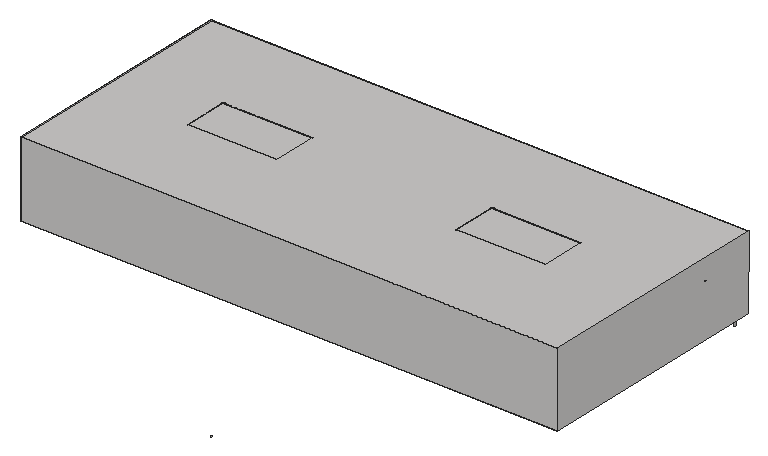
Revit family "QF_ELECTROLUXPROFESSIONAL_640284_VAP1636", category Specialty Equipment, Revit 2014
Reference planes
  plane 1: z = 0
  plane 2 "Center (Left/Right)": x = 150
  plane 3 "LEFT": x = -1650
  plane 4 "RIGHT": x = 1950
  plane 5 "BACK": y = 550
  plane 6 "TOP": z = 2500
  plane 7 "Base": z = 2000
  plane 8: z = 1970
  plane 9 "DrainY": y = 450
  plane 10: x = -1647
  plane 11 "DrainX": x = 1937
  plane 12 "AOLeft2": x = -450
  plane 13 "AORight1": x = 750
  plane 14: x = 1947
  plane 15: x = -1450
  plane 16: x = 1750
  plane 17: x = 50
  plane 18: x = 250
  plane 19 "Center (Front/Back)": y = -250
  plane 20 "Front": y = -1050
  plane 21 "AOLeft1": x = -1050
  plane 22 "AORight2": x = 1350
  plane 23: through (0, 550, 2133.855) normal (0, 0.5299, 0.848)
  plane 24: through (0, -1050, 2133.855) normal (0, 0.5299, -0.848)
  plane 25: y = -100
  plane 26: y = -400
Forms (mm)
  Extrusion 1, solid, material "QF_Finishes_Stainless Steel"
    sketch origin (-1650, 0, 360) x (0, 1, 0) y (0, 0, 1)
      loop
        line (550, 1640) -> (550, 2140) -> (-1050, 2140) -> (-1050, 1640) -> (550, 1640)
    from 0 to 3
  Extrusion 2, solid, material "QF_Finishes_Stainless Steel"
    sketch origin (1950, 0, 360) x (0, 1, 0) y (0, 0, 1)
      loop
        line (550, 1640) -> (550, 2140) -> (-1050, 2140) -> (-1050, 1640) -> (550, 1640)
    from 0 to -3
  Extrusion 3, solid, material "QF_Finishes_Stainless Steel"
    sketch origin (150, 0, 360) x (0, 1, 0) y (0, 0, 1)
      loop
        line (-1050, 2140) -> (-1050, 1640) -> (-1040, 1640) -> (-1040, 1640.8) -> (-1049.2, 1640.8) -> (-1049.2, 2139.19) -> (549.2, 2139.19) -> (549.2, 1640.8) -> (540, 1640.8) -> (540, 1640) -> (550, 1640) -> (550, 2140) -> (-1050, 2140)
    from -1800 to 1800
  Extrusion 4, solid, material "QF_Finishes_Stainless Steel"
    sketch origin (0, 0, 2000) x (0, 1, 0) y (-1, 0, 0)
      loop
        circle (450, -1937) r 4.763
    from -30 to 0
  Extrusion 5, void
    sketch origin (0, 400, 2500) x (0, 1, 0) y (-1, 0, 0)
      loop
        line (-500, 450) -> (-500, 1050) -> (-800, 1050) -> (-800, 450) -> (-500, 450)
    from 0 to -10
  Extrusion 6, solid, material "QF_Finishes_Stainless Steel"
    sketch origin (0, 0, 0) x (1, 0, 0) y (0, 1, 0)
      loop
        line (-1650, 550) -> (-1650, 549) -> (-1649, 549) -> (-1649, 550) -> (-1650, 550)
    from 0 to 1
  Extrusion 7, solid, material "QF_Finishes_Stainless Steel"
    sketch origin (150, 0, 360) x (0, 1, 0) y (0, 0, 1)
      loop
        line (503.5, 1837.574) -> (207.375, 2022.621) -> (192.198, 1998.364) -> (488.366, 1813.348) -> (503.5, 1837.574)
      loop
        line (-1003.5, 1837.574) -> (-988.366, 1813.348) -> (-692.198, 1998.364) -> (-707.375, 2022.621) -> (-1003.5, 1837.574)
    from -1600 to -1797
  Extrusion 8, solid, material "QF_Finishes_Stainless Steel"
    sketch origin (150, 0, 360) x (0, 1, 0) y (0, 0, 1)
      loop
        line (549.2, 1775.312) -> (472.742, 1823.075) -> (472.313, 1822.387) -> (549.2, 1774.355) -> (549.2, 1775.312)
      loop
        line (202.48, 1991.938) -> (126.212, 2039.602) -> (-626.212, 2039.602) -> (-702.48, 1991.938) -> (-702.062, 1991.27) -> (-626, 2038.801) -> (126, 2038.801) -> (202.063, 1991.27) -> (202.48, 1991.938)
      loop
        line (-1049.2, 1775.312) -> (-1049.2, 1774.355) -> (-972.312, 1822.387) -> (-972.742, 1823.075) -> (-1049.2, 1775.312)
    from -1797 to 1797
  Extrusion 9, solid, material "QF_Finishes_Stainless Steel"
    sketch origin (150, 0, 360) x (0, 1, 0) y (0, 0, 1)
      loop
        line (-707.375, 2022.621) -> (-1003.5, 1837.574) -> (-988.366, 1813.348) -> (-692.198, 1998.364) -> (-707.375, 2022.621)
      loop
        line (503.5, 1837.574) -> (207.375, 2022.621) -> (192.198, 1998.364) -> (488.366, 1813.348) -> (503.5, 1837.574)
    from 1797 to 1600
  Extrusion 10, solid, material "QF_Finishes_Stainless Steel"
    sketch origin (150, 0, 360) x (0, 1, 0) y (0, 0, 1)
      loop
        line (-707.375, 2022.621) -> (-1003.5, 1837.574) -> (-988.366, 1813.348) -> (-692.198, 1998.364) -> (-707.375, 2022.621)
      loop
        line (503.5, 1837.574) -> (207.375, 2022.621) -> (192.198, 1998.364) -> (488.366, 1813.348) -> (503.5, 1837.574)
    from -100 to 100
  Extrusion 11, solid, material "QF_Finished_Chrome"
    sketch origin (150, 0, 360) x (0, 1, 0) y (0, 0, 1)
      loop
        line (503.5, 1837.574) -> (207.375, 2022.621) -> (192.198, 1998.364) -> (488.366, 1813.348) -> (503.5, 1837.574)
      loop
        line (-707.375, 2022.621) -> (-1003.5, 1837.574) -> (-988.366, 1813.348) -> (-692.198, 1998.364) -> (-707.375, 2022.621)
    from -1600 to -100
  Extrusion 12, solid, material "QF_Finished_Chrome"
    sketch origin (150, 0, 360) x (0, 1, 0) y (0, 0, 1)
      loop
        line (-707.375, 2022.621) -> (-1003.5, 1837.574) -> (-988.366, 1813.348) -> (-692.198, 1998.364) -> (-707.375, 2022.621)
      loop
        line (503.5, 1837.574) -> (207.375, 2022.621) -> (192.198, 1998.364) -> (488.366, 1813.348) -> (503.5, 1837.574)
    from 100 to 1600
  Sweep 13, solid, material "QF_Finishes_Stainless Steel"
    path origin (0, 0, 0) x (1, 0, 0) y (0, 1, 0)
      loop
        line (1950, 550) -> (-1650, 550) -> (-1650, -1050) -> (1950, -1050) -> (1950, 550)
    profile origin (1950, -250, 0) x (1, 0, 0) y (0, 0, 1)
      loop
        line (-3, 2000) -> (-3, 2000.8) -> (-19, 2000.8) -> (-19, 2010) -> (-20, 2010) -> (-20, 2000) -> (-3, 2000)
  Extrusion 14, void
    sketch origin (0, 400, 2500) x (0, 1, 0) y (-1, 0, 0)
      loop
        line (-500, -1350) -> (-500, -750) -> (-800, -750) -> (-800, -1350) -> (-500, -1350)
    from 0 to -10
Cuts and joins
  Extrusion 5, Extrusion 14 cuts Extrusion 3
  joined: Extrusion 2, Extrusion 3, Sweep 13
Lines and regions (mm)
  symbolic lines, style "SpecialityEquipment", detail levels coarse
    curve 1: line (1950, 550, 2500) -> (-1650, 550, 2500)
    curve 2: line (-1650, 550, 2500) -> (-1650, -1050.8, 2500)
    curve 3: line (1950, -1050.8, 2500) -> (1950, 550, 2500)
    curve 4: line (-1650, 550, 0) -> (1950, -1050, 0)
    curve 5: line (1950, 550, 0) -> (-1650, -1050, 0)
  symbolic lines, detail levels coarse
    curve 6: line (-1650, -1050, 0) -> (1950, -1050, 0)
    curve 7: line (-450, -100, 0) -> (-1050, -100, 0)
    curve 8: line (-450, -400, 0) -> (-450, -100, 0)
    curve 9: line (-1050, -400, 0) -> (-450, -400, 0)
    curve 10: line (-1050, -100, 0) -> (-1050, -400, 0)
    curve 11: line (1350, -100, 0) -> (750, -100, 0)
    curve 12: line (1350, -400, 0) -> (1350, -100, 0)
    curve 13: line (750, -400, 0) -> (1350, -400, 0)
    curve 14: line (750, -100, 0) -> (750, -400, 0)
Dimensions and locks
  plane 3 "LEFT" to plane 4 "RIGHT" = 3600 mm
  equal spacing: plane 3 "LEFT", plane 2 "Center (Left/Right)", plane 4 "RIGHT"
  plane 7 "Base" to plane 8 = 30 mm
  plane 5 "BACK" to plane 9 "DrainY" = 100 mm  (x2)
  plane 3 "LEFT" to plane 10 = 3 mm
  plane 11 "DrainX" to plane 4 "RIGHT" = 13 mm
  plane 14 to plane 4 "RIGHT" = 3 mm
  plane 3 "LEFT" to plane 15 = 200 mm
  plane 16 to plane 4 "RIGHT" = 200 mm
  locked: plane 12 "AOLeft2" to plane 13 "AORight1" at 1200
  equal spacing: plane 12 "AOLeft2", plane 2 "Center (Left/Right)", plane 13 "AORight1"
  locked: plane 7 "Base" to level at 2000
  locked: plane 6 "TOP" to plane 7 "Base" at 500
  locked: plane 17 to plane 18 at 200
  equal spacing: plane 17, plane 2 "Center (Left/Right)", plane 18
  plane 5 "BACK" to plane 20 "Front" = 1600 mm  (x2)
  equal spacing: plane 5 "BACK", plane 19 "Center (Front/Back)", plane 20 "Front"
  plane 21 "AOLeft1" to plane 12 "AOLeft2" = 600 mm
  plane 13 "AORight1" to plane 22 "AORight2" = 600 mm
  locked: plane 25 to plane 26 at 300
  equal spacing: plane 25, plane 19 "Center (Front/Back)", plane 26
  aligned and locked: level to plane 1
  aligned and locked: plane 4 "RIGHT" to Extrusion 3
  aligned and locked: Extrusion 3 to plane 3 "LEFT"
  aligned and locked: Extrusion 7 to plane 10
  aligned and locked: Extrusion 7 to plane 15
  aligned and locked: Extrusion 2 to plane 14
  aligned and locked: plane 14 to Extrusion 9
  aligned and locked: plane 16 to Extrusion 9
  aligned and locked: Extrusion 10 to plane 18
  aligned and locked: Extrusion 10 to plane 17
  aligned and locked: Extrusion 11 to plane 17
  aligned and locked: Extrusion 11 to plane 15
  aligned and locked: Extrusion 12 to plane 18
  aligned and locked: Extrusion 12 to plane 16
  aligned and locked: Extrusion 8 to plane 10
  aligned and locked: Extrusion 8 to plane 14
  aligned and locked: Extrusion 1 to plane 20 "Front"
  aligned and locked: Extrusion 5 to plane 21 "AOLeft1"
  aligned and locked: Extrusion 5 to plane 12 "AOLeft2"
  aligned and locked: plane 13 "AORight1" to Extrusion 14
  aligned and locked: plane 22 "AORight2" to Extrusion 14
  aligned and locked: plane 25 to curve 7
  aligned and locked: curve 9 to plane 26
  aligned and locked: plane 25 to curve 11
  aligned and locked: curve 13 to plane 26
  aligned and locked: plane 25 to Extrusion 5 sketch curve
  aligned and locked: Extrusion 5 sketch curve to plane 26
  aligned and locked: plane 25 to Extrusion 14 sketch curve
Automatic sketch dimensions
  curve 6 to plane 3 "LEFT" = 0 mm
  curve 4 to plane 3 "LEFT" = 0 mm
  curve 5 to plane 4 "RIGHT" = 0 mm
  curve 6 to plane 4 "RIGHT" = 0 mm
  curve 4 to plane 20 "Front" = 0 mm
  curve 5 to plane 5 "BACK" = 0 mm
  curve 4 to plane 5 "BACK" = 0 mm
  curve 2 to plane 3 "LEFT" = 0 mm
  curve 3 to plane 4 "RIGHT" = 0 mm
  curve 2 to plane 5 "BACK" = 0 mm
  curve 3 to plane 20 "Front" = 0.8 mm
  curve 2 to plane 20 "Front" = 0.8 mm
  Extrusion 1 sketch curve to plane 7 "Base" = 0 mm
  Extrusion 1 sketch curve to plane 20 "Front" = 0 mm
  Extrusion 1 sketch curve to plane 5 "BACK" = 0 mm
  Extrusion 1 sketch curve to plane 6 "TOP" = 0 mm
  Extrusion 2 sketch curve to plane 7 "Base" = 0 mm
  Extrusion 2 sketch curve to plane 20 "Front" = 0 mm
  Extrusion 2 sketch curve to plane 5 "BACK" = 0 mm
  Extrusion 2 sketch curve to plane 6 "TOP" = 0 mm
  Extrusion 3 sketch curve to plane 6 "TOP" = 0 mm
  Extrusion 3 sketch curve to plane 20 "Front" = 0 mm
  Extrusion 3 sketch curve to plane 7 "Base" = 0 mm  (x2)
  Extrusion 3 sketch curve to plane 5 "BACK" = 0 mm
  plane 20 "Front" to Extrusion 3 sketch curve = 0.8 mm
  Extrusion 3 sketch curve to Extrusion 3 sketch curve = 9.2 mm
  plane 7 "Base" to Extrusion 3 sketch curve = 0.8 mm  (x2)
  Extrusion 3 sketch curve to plane 5 "BACK" = 10 mm
  Extrusion 3 sketch curve to plane 5 "BACK" = 0.8 mm
  Extrusion 3 sketch curve to plane 6 "TOP" = 0.81 mm
  Extrusion 4 sketch curve to plane 9 "DrainY" = 0 mm
  Extrusion 4 sketch curve to plane 11 "DrainX" = 0 mm
  Extrusion 5 sketch curve to plane 12 "AOLeft2" = 0 mm
  Extrusion 5 sketch curve to plane 21 "AOLeft1" = 0 mm
  Extrusion 6 sketch curve to plane 3 "LEFT" = 0 mm
  Extrusion 6 sketch curve to plane 5 "BACK" = 0 mm
  plane 3 "LEFT" to Extrusion 6 sketch curve = 1 mm
  Extrusion 6 sketch curve to Extrusion 6 sketch curve = 1 mm
  Sweep 13 sketch curve to plane 3 "LEFT" = 0 mm
  Sweep 13 sketch curve to plane 4 "RIGHT" = 0 mm
  Sweep 13 sketch curve to plane 20 "Front" = 0 mm
  Sweep 13 sketch curve to plane 5 "BACK" = 0 mm
  profile plane to Sweep 13 sketch curve = 20 mm
  Sweep 13 sketch curve to Sweep 13 sketch curve = 1 mm
  profile plane to Sweep 13 sketch curve = 3 mm
  level to Sweep 13 sketch curve = 2000 mm
  Sweep 13 sketch curve to Sweep 13 sketch curve = 0.8 mm
  Sweep 13 sketch curve to Sweep 13 sketch curve = 9.2 mm
  Extrusion 14 sketch curve to plane 12 "AOLeft2" = 1800 mm
  plane 21 "AOLeft1" to Extrusion 14 sketch curve = 1800 mm
  curve 8 to plane 12 "AOLeft2" = 0 mm
  curve 9 to plane 21 "AOLeft1" = 0 mm
  curve 11 to plane 13 "AORight1" = 0 mm
  curve 12 to plane 22 "AORight2" = 0 mm
  plane 20 "Front" to Extrusion 8 sketch curve = 0.8 mm
  Extrusion 8 sketch curve to Extrusion 8 sketch curve = 0.43 mm  (x2)
  Extrusion 8 sketch curve to Extrusion 8 sketch curve = 0.418 mm  (x2)
  Extrusion 8 sketch curve to plane 9 "DrainY" = 324 mm
  Extrusion 8 sketch curve to plane 6 "TOP" = 100.398 mm
  Extrusion 8 sketch curve to Extrusion 8 sketch curve = 0.212 mm  (x2)
  Extrusion 8 sketch curve to Extrusion 8 sketch curve = 76.063 mm
  Extrusion 8 sketch curve to plane 6 "TOP" = 148.062 mm
  plane 9 "DrainY" to Extrusion 8 sketch curve = 22.313 mm
  Extrusion 8 sketch curve to plane 5 "BACK" = 0.8 mm
  plane 7 "Base" to Extrusion 8 sketch curve = 134.355 mm  (x2)
  Extrusion 8 sketch curve to Extrusion 8 sketch curve = 0.957 mm  (x2)
  Extrusion 8 sketch curve to Extrusion 8 sketch curve = 0.669 mm
  Extrusion 8 sketch curve to Extrusion 8 sketch curve = 76.268 mm
  Extrusion 8 sketch curve to Extrusion 8 sketch curve = 0.801 mm
  Extrusion 7 sketch curve to plane 9 "DrainY" = 257.802 mm
  Extrusion 7 sketch curve to plane 6 "TOP" = 117.379 mm
  Extrusion 7 sketch curve to Extrusion 7 sketch curve = 15.177 mm  (x2)
  plane 9 "DrainY" to Extrusion 7 sketch curve = 38.366 mm
  Extrusion 7 sketch curve to Extrusion 7 sketch curve = 15.134 mm
  plane 7 "Base" to Extrusion 7 sketch curve = 173.348 mm  (x2)
  Extrusion 7 sketch curve to Extrusion 7 sketch curve = 24.226 mm  (x2)
  Extrusion 7 sketch curve to Extrusion 7 sketch curve = 24.257 mm
  Extrusion 11 sketch curve to plane 5 "BACK" = 46.5 mm
  plane 7 "Base" to Extrusion 11 sketch curve = 197.574 mm
  Extrusion 11 sketch curve to Extrusion 11 sketch curve = 15.134 mm  (x2)
  Extrusion 11 sketch curve to plane 6 "TOP" = 117.379 mm
  Extrusion 11 sketch curve to Extrusion 11 sketch curve = 24.226 mm  (x2)
  Extrusion 11 sketch curve to Extrusion 11 sketch curve = 15.177 mm  (x2)
  Extrusion 11 sketch curve to Extrusion 11 sketch curve = 24.257 mm  (x2)
  Extrusion 11 sketch curve to plane 6 "TOP" = 141.636 mm
  Extrusion 10 sketch curve to plane 6 "TOP" = 117.379 mm  (x2)
  Extrusion 10 sketch curve to Extrusion 10 sketch curve = 24.257 mm  (x2)
  Extrusion 10 sketch curve to Extrusion 10 sketch curve = 24.226 mm  (x2)
  Extrusion 10 sketch curve to Extrusion 10 sketch curve = 15.177 mm  (x2)
  plane 9 "DrainY" to Extrusion 10 sketch curve = 38.366 mm
  Extrusion 10 sketch curve to Extrusion 10 sketch curve = 15.134 mm  (x2)
  plane 7 "Base" to Extrusion 10 sketch curve = 173.348 mm
  Extrusion 12 sketch curve to plane 6 "TOP" = 117.379 mm
  Extrusion 12 sketch curve to Extrusion 12 sketch curve = 15.177 mm  (x2)
  Extrusion 12 sketch curve to Extrusion 12 sketch curve = 24.257 mm  (x2)
  Extrusion 12 sketch curve to plane 6 "TOP" = 141.636 mm
  plane 7 "Base" to Extrusion 12 sketch curve = 197.574 mm  (x2)
  Extrusion 12 sketch curve to plane 9 "DrainY" = 257.802 mm
  plane 9 "DrainY" to Extrusion 12 sketch curve = 38.366 mm
  Extrusion 12 sketch curve to Extrusion 12 sketch curve = 15.134 mm  (x2)
  Extrusion 9 sketch curve to plane 6 "TOP" = 117.379 mm  (x2)
  Extrusion 9 sketch curve to Extrusion 9 sketch curve = 24.257 mm  (x2)
  Extrusion 9 sketch curve to Extrusion 9 sketch curve = 24.226 mm  (x2)
  Extrusion 9 sketch curve to plane 5 "BACK" = 46.5 mm
  plane 7 "Base" to Extrusion 9 sketch curve = 197.574 mm
  Extrusion 9 sketch curve to Extrusion 9 sketch curve = 15.134 mm  (x2)
  Extrusion 9 sketch curve to Extrusion 9 sketch curve = 15.177 mm  (x2)
  Extrusion 7 sketch curve to plane 6 "TOP" = 141.636 mm
  plane 20 "Front" to Extrusion 7 sketch curve = 357.802 mm
  plane 20 "Front" to Extrusion 7 sketch curve = 61.634 mm
  plane 20 "Front" to Extrusion 8 sketch curve = 77.258 mm
  Extrusion 8 sketch curve to Extrusion 8 sketch curve = 270.262 mm
  plane 20 "Front" to Extrusion 9 sketch curve = 357.802 mm
  plane 20 "Front" to Extrusion 9 sketch curve = 61.634 mm
  plane 20 "Front" to Extrusion 10 sketch curve = 357.802 mm
  plane 20 "Front" to Extrusion 10 sketch curve = 61.634 mm
  plane 20 "Front" to Extrusion 11 sketch curve = 357.802 mm
  plane 20 "Front" to Extrusion 11 sketch curve = 61.634 mm
  plane 20 "Front" to Extrusion 12 sketch curve = 357.802 mm
  plane 20 "Front" to Extrusion 12 sketch curve = 61.634 mm
  Extrusion 14 sketch curve to Extrusion 14 sketch curve = 300 mm
  radius of Extrusion 4 sketch curve = 4.763 mm
Connectors
  piping at (1937, 450, 1970), diameter 9.5
    settings: on Extrusion 4, index 1, connector inside diameter 609.6 mm, connector length 0 mm, flow factor 0, pipe flow 0.0 L/s, pressure drop 0.0 Pa, fitting loss kfactor 0, connector angle 0.00°, fixture units 0, engagement length 0 mm, angle of deflection 0.00°, flow configuration 1, flow direction 2, fitting loss method 0, system type 16, joint type 0, gender type 0, connector reference index -1, connector utility 0, adjustable connector no, is connector primary yes, connector description "Drain"
  hvac at (-750, -250, 2500)
    settings: on Extrusion 5, index 2, duct flow 0.0 L/s, flow factor 0, pres drop 0.0 Pa, loss coef 0, conn angle 0.00°, conn width 300 mm, conn height 600 mm, conn diameter 609.6 mm, duct sys type 3, conn prof type 1, flow config 1, flow direction 2, loss method 0, conn ref index -1, conn util no, is conn primary yes, conn desc "EXHAUST OUTLET"
  hvac at (1050, -250, 2500)
    settings: on Extrusion 14, index 3, duct flow 0.0 L/s, flow factor 0, pres drop 0.0 Pa, loss coef 0, conn angle 0.00°, conn width 300 mm, conn height 600 mm, conn diameter 609.6 mm, duct sys type 3, conn prof type 1, flow config 1, flow direction 2, loss method 0, conn ref index -1, conn util no, is conn primary no, conn desc "EXHAUST OUTLET"
